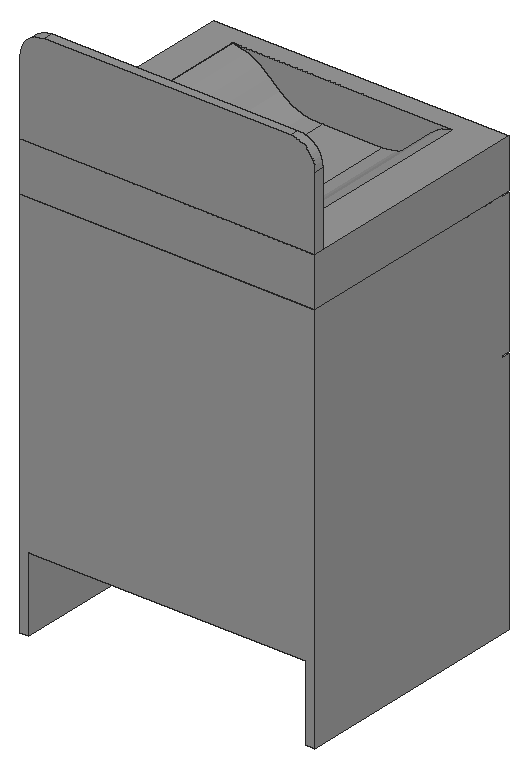
Revit family "Single Sink Vanity 24 in_Wall Hung", category Casework, host Wall, Revit 2025
Family settings
  Host = Wall
  OmniClass Number = 23.40.35.00
  OmniClass Title = Casework
  Always vertical = Yes
  Cut with Voids When Loaded = No
  Shared = No
  Room Calculation Point = No
Parameters (values of type "Single Sink Vanity 794mm_Wall Hung")
  Width = 2' - 0.0389"
  Mirror Height = 0' - 4.06299"
  Length = 3' - 6"
  Height = 3' - 0"
  Depth = 1' - 7.68504"
  Default Elevation = 0' - 0"
  Countertop Thickness = 0' - 4"
  Cabinet Mullions = 0' - 0 3/4"
  Backsplash Height = 0' - 8.00028"
Types (2): name | Height | Countertop Thickness
  Single Sink Vanity 794mm_Wall Hung | 3' - 0" | 0' - 4"
  Single Sink Vanity 24"_Wall Hung | 2' - 9.46457" | 0' - 5.90597"
Reference planes (in)
  plane 1: y = 0
  plane 2 "Center (Left/Right)": x = 0
  plane 3 "Left": x = -2.50394
  plane 4 "Right": x = 39.49606
  plane 5 "Front": y = 22.68504
  plane 6 "Back": y = 3
  plane 7 "Top": z = 36
Forms (in)
  Extrusion 1, solid, material "Solid Surface Countertop"
    sketch origin (4.26772, 0, 2.53543) x (1, 0, 0) y (0, 1, 0)
      loop
        line (-11.51181, 22.68504) -> (-11.51181, 3) -> (12.52709, 3) -> (12.52709, 22.68504) -> (-11.51181, 22.68504)
    from 29.46457 to 33.46457
  Extrusion 2, solid, material "Ash"
    sketch origin (-0.09375, 0, 0) x (1, 0, 0) y (0, 1, 0)
      loop
        line (-7.15034, 3) -> (16.88856, 3) -> (16.88856, 22.68504) -> (-7.15034, 22.68504) -> (-7.15034, 3)
    from 0 to 32
  Extrusion 3, void
    sketch origin (2.51378, 22.68504, 2.53543) x (-1, 0, 0) y (0, 0, -1)
      loop
        line (-11.02119, -33.46457) -> (-11.21668, -34.57326) -> (6.97881, -34.57326) -> (6.97881, -33.42613)
        spline (6.97881, -33.42613) -> (6.2379, -33.31965) -> (5.59373, -33.09991) -> (5.0243, -32.79155) -> (4.50762, -32.41917) -> (4.0217, -32.00739) -> (3.54453, -31.58083) -> (3.05413, -31.1641) -> (2.5285, -30.78183) -> (1.94565, -30.45862) -> (1.28358, -30.21909) -> (0.52029, -30.08787) -> (-0.3662, -30.08957)
        line (-0.3662, -30.08957) -> (-5.17552, -30.08957)
        spline (-5.17552, -30.08957) -> (-5.91389, -30.16014) -> (-6.53886, -30.3314) -> (-7.07076, -30.58463) -> (-7.52988, -30.90112) -> (-7.93656, -31.26214) -> (-8.31111, -31.649) -> (-8.67383, -32.04297) -> (-9.04505, -32.42534) -> (-9.44508, -32.7774) -> (-9.89424, -33.08044) -> (-10.41283, -33.31573) -> (-11.02119, -33.46457)
    from 1.48177 to 15.74504
  Extrusion 4, solid, material "Solid Surface Countertop"
    sketch origin (-7.24409, 3, 36.00028) x (0, 0, 1) y (1, 0, 0)
      loop
        line (0, 24.0389) -> (0, 0) -> (6, 0)
        arc (6, 0) -> (7.41421, 0.58579) -> (8, 2) r 2
        line (8, 2) -> (8, 22.0389)
        arc (8, 22.0389) -> (7.41421, 23.45312) -> (6, 24.0389) r 2
        line (6, 24.0389) -> (0, 24.0389)
    from 0 to 0.75
  Extrusion 5, void
    sketch origin (39.40231, 22.68504, 0) x (1, 0, 0) y (0, 0, 1)
      loop
        line (-23.3575, 31) -> (-45.89641, 31) -> (-45.89641, 19.0293) -> (-23.3575, 19.0293) -> (-23.3575, 31)
      loop
        line (-23.3575, 7.5293) -> (-23.3575, 17.5293) -> (-45.89641, 17.5293) -> (-45.89641, 7.5293) -> (-23.3575, 7.5293)
    from 0 to 0.5
  Extrusion 6, void
    sketch origin (39.40231, 22.68504, 0) x (1, 0, 0) y (0, 0, 1)
      loop
        line (-23.3575, 0) -> (-23.3575, 6.09403) -> (-45.89641, 6.09403) -> (-45.89641, 0) -> (-23.3575, 0)
    from 0 to 24
  Extrusion 7, void
    sketch origin (39.40231, 22.68504, 0) x (1, 0, 0) y (0, 0, 1)
      loop
        line (-22.6075, 20.1582) -> (-22.6075, 20.2832) -> (-46.64641, 20.2832) -> (-46.64641, 20.1582) -> (-22.6075, 20.1582)
      loop
        line (-22.6075, 31.875) -> (-22.6075, 32) -> (-46.64641, 32) -> (-46.64641, 31.875) -> (-22.6075, 31.875)
    from 0 to 0.75
Cuts and joins
  Extrusion 3 cuts Extrusion 1
  Extrusion 5, Extrusion 6, Extrusion 7 cuts Extrusion 2
Lines and regions (in)
  reference lines
    curve 1: line (28.75591, 3, 36.00028) -> (28.75591, 3, 80.00028)
    curve 2: line (-7.24409, 3, 36.00028) -> (-7.24409, 3, 79.00028)
    curve 3: line (24.74606, 36.93504, 0) -> (24.74606, -6.31496, 0)
    curve 4: line (16.79481, 3, 36.00028) -> (16.79481, 3, 79.00028)
    curve 5: line (22.79481, 22.68504, 44.00028) -> (-38.20519, 22.68504, 44.00028)
    curve 6: line (21.50591, 22.68504, 32) -> (-11.49409, 22.68504, 32)
Text (in)
  text "Placement Side" at (0, 40.15149, 123.01588), in view "Right"
  text "Placement Side" at (-65.09404, 56.76262, 0), in view "Ref. Level"
  text "Placement Side" at (0, 47.49176, 112.82392), in view "Left"
Dimensions and locks (in)
  locked: host wall to plane 6 "Back"
  "Depth": plane 6 "Back" to plane 5 "Front"
  plane 3 "Left" to plane 2 "Center (Left/Right)" to plane 4 "Right" = 0' - 2.50394", 3' - 3.49606"
  "Length": plane 3 "Left" to plane 4 "Right"
  "Height": plane 7 "Top" to level
  "Height": level to plane 7 "Top"
  Extrusion 3 sketch curve to Extrusion 3 sketch curve = 1' - 6.00004"
  cut or joined group of Extrusion 1, Extrusion 3 to cut or joined group of Extrusion 1, Extrusion 3 = 2' - 0.0389"
  "Backsplash Height": plane 7 "Top" to curve 5
  "Countertop Thickness": curve 6 to plane 7 "Top"
  "Width": curve 2 to curve 4
  locked: cut or joined group of Extrusion 1, Extrusion 3 to Extrusion 3 sketch curve at 0.625
  aligned and locked: plane 7 "Top" to Extrusion 1
  aligned and locked: Extrusion 1 to curve 2
  aligned and locked: Extrusion 4 to Extrusion 1
  aligned and locked: Extrusion 4 to cut or joined group of Extrusion 1, Extrusion 3
  aligned and locked: Extrusion 4 to curve 5
  aligned and locked: Extrusion 4 to curve 2
  aligned and locked: Extrusion 2 to cut or joined group of Extrusion 1, Extrusion 3
  aligned and locked: curve 6 to Extrusion 1
Automatic sketch dimensions
  host wall to curve 3 = 0' - 3.31496"
  plane 4 "Right" to curve 3 = 1' - 2 3/4"
  curve 3 to plane 5 "Front" = 1' - 2 1/4"
  plane 4 "Right" to curve 1 = 0' - 10.74016"
  plane 7 "Top" to curve 4 = 0' - 0.00028"
  plane 3 "Left" to curve 2 = 0' - 4.74016"
  plane 7 "Top" to curve 2 = 0' - 0.00028"
  plane 7 "Top" to curve 1 = 0' - 0.00028"
  curve 2 to curve 2 = 3' - 7"
  curve 4 to curve 2 = 0' - 0"
  curve 4 to curve 1 = 0' - 1"
  Extrusion 1 sketch curve to host wall = 0' - 0"
  plane 5 "Front" to Extrusion 1 sketch curve = 0' - 0"
  plane 3 "Left" to Extrusion 1 sketch curve = 0' - 4.74016"
  plane 2 "Center (Left/Right)" to Extrusion 1 sketch curve = 1' - 4.79481"
  plane 5 "Front" to Extrusion 2 sketch curve = 0' - 0"
  Extrusion 2 sketch curve to host wall = 0' - 0"
  plane 3 "Left" to Extrusion 2 sketch curve = 0' - 4.74016"
  plane 2 "Center (Left/Right)" to Extrusion 2 sketch curve = 1' - 4.79481"
  Extrusion 4 sketch curve to curve 2 = 0' - 0"  (x2)
  curve 2 to Extrusion 4 sketch curve = 2' - 0.0389"
  curve 2 to Extrusion 4 sketch curve = 0' - 6"  (x2)
  Extrusion 4 sketch curve to Extrusion 4 sketch curve = 0' - 2"
  Extrusion 6 sketch curve to Extrusion 2 = 0' - 0"
  Extrusion 2 to Extrusion 6 sketch curve = 0' - 0 3/4"
  Extrusion 6 sketch curve to Extrusion 2 = 0' - 0 3/4"
  Extrusion 6 sketch curve to Extrusion 2 = 0' - 6.09403"
  Extrusion 7 sketch curve to Extrusion 2 = 0' - 0"  (x5)
  Extrusion 7 sketch curve to Extrusion 2 = 0' - 0 1/8"
  Extrusion 7 sketch curve to Extrusion 7 sketch curve = 0' - 11.5918"
  Extrusion 7 sketch curve to Extrusion 7 sketch curve = 0' - 0 1/8"
  Extrusion 2 to Extrusion 5 sketch curve = 0' - 0 3/4"  (x2)
  Extrusion 5 sketch curve to Extrusion 2 = 0' - 0 3/4"  (x2)
  Extrusion 5 sketch curve to Extrusion 2 = 0' - 7.5293"
  Extrusion 5 sketch curve to Extrusion 5 sketch curve = 0' - 10"
  Extrusion 5 sketch curve to Extrusion 5 sketch curve = 0' - 1 1/2"
  Extrusion 5 sketch curve to Extrusion 2 = 0' - 1"
  plane 3 "Left" to curve 5 = 2' - 11.70125"
  plane 3 "Left" to curve 6 = 0' - 8.99016"
  plane 4 "Right" to curve 6 = 1' - 5.99016"
  curve 6 to curve 5 = 0' - 1.2889"
  Extrusion 3 sketch curve to Extrusion 1 = 0' - 0"
  Extrusion 1 to Extrusion 3 sketch curve = 0' - 1.10869"
  Extrusion 1 to Extrusion 3 sketch curve = 0' - 3.06435"
  Extrusion 3 sketch curve to Extrusion 3 sketch curve = 0' - 0.19549"
  Extrusion 3 sketch curve to Extrusion 3 sketch curve = 0' - 5.84567"
  Extrusion 3 sketch curve to Extrusion 3 sketch curve = 1' - 0.15433"
  Extrusion 3 sketch curve to Extrusion 3 sketch curve = 0' - 4.80932"
